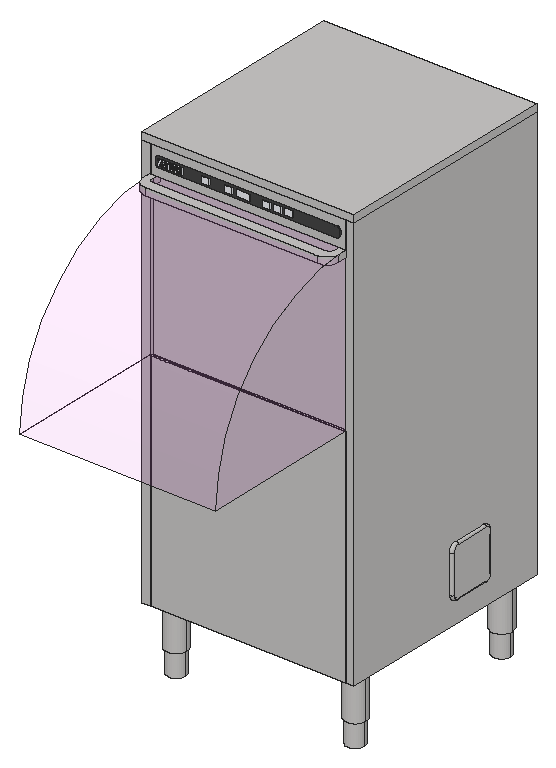
Revit family "QF_ZANUSSI_503022_LU7ADPWS", category Attrezzature speciali, Revit 2020
Family settings
  Quota connettore circolare = Usa diametro
  Tipo di parte = Normale
  Basato su piano di lavoro = No
  Sempre verticale = Sì
  Taglio con vuoti quando caricato = No
  Condiviso = No
  Punto di calcolo locali = No
Parameters (values of type "Standard")
  Weight = 100.00 kg
  Watts = 9900 W
  Volts = 400 V
  URL Manufacturer = "http://www.zanussiprofessional.com"
  URL = "http://www.zanussiprofessional.com"
  Steam Supply Size = 0 mm
  Steam Supply Minimum Pressure = 0.0 Pa
  Steam Supply Maximum Pressure = 0.0 Pa
  Steam Consumption per Hour = 0
  Show Logo [instance] = yes
  Show Clearance [instance] = yes
  Refrigeration Suction Line Size = 0 mm
  Refrigeration Liquid Line Size = 0 mm
  Refrigerant Compressor Remote = yes
  Prospetto di default = 0 mm
  Produttore = "Zanussi"
  Phase = 3
  Modello = "LU7ADPWS"
  Length Actual = 642 mm  # constant formula
  Item Number = "503022"
  Hot Water Size = 19.05 mm
  Height Actual = 1477 mm  # constant formula
  HP = "13.3 HP"
  Gas Size = 0 mm
  Gas KW = 0
  Gas Input Pressure = 0 W
  Direct Waste Size = 20.5 mm
  Descrizione = "UTENSIL/DW.1170D/H,DRAIN P,ATM,WS,ACTIVE"
  Depth Actual = 723 mm  # constant formula
  Cycle = 50 Hz
  Condensate Return Size = 0 mm
  Compressed Air Volume = 0.0 L/s
  Compressed Air Size = 0 mm
  Compressed Air Pressure = 0.0 Pa
  Cold Water Size = 0 mm
  Accessory = yes
Reference planes
  plane 1: z = 0
  plane 2 "LEFT": x = -438
  plane 3 "BACK": y = 450
  plane 4: z = 904
  plane 5: y = 381
  plane 6: x = -388
  plane 7: z = 200
  plane 8: x = 204
  plane 9: x = -117
  plane 10: z = 880
  plane 11: z = 1477
  plane 12: z = 1363
  plane 13: x = 154
  plane 14: y = -239
  plane 15: y = -172
  plane 16: through (180, 105, 4000) normal (-0.7071, -0.7071, 0)
  plane 17: through (180, 125, 4000) normal (0.7071, -0.7071, 0)
  plane 18: through (47, -3351, 200) normal (-0.7071, 0, -0.7071)
  plane 19: through (47, -3351, 220) normal (0.7071, 0, -0.7071)
  plane 20: y = 392
  plane 21: x = -173
  plane 22: y = 392
  plane 23: x = -117
  plane 24: y = -76
  plane 25: x = -208
  plane 26: y = -731
Forms (mm)
  Extrusion 1, solid, material "QF_Finishes_Stainless Steel"
    sketch origin (0, 211, 0) x (1, 0, 0) y (0, 1, 0)
      loop
        line (-438, 239) -> (-438, -450) -> (-413, -450) -> (-413, -418) -> (179, -418) -> (179, -450) -> (204, -450) -> (204, 239) -> (-438, 239)
    from 200 to 1455
  Extrusion 2, solid, material "QF_Finishes_Stainless Steel"
    sketch origin (-247.596, -58.023, 198) x (0, -1, 0) y (1, 0, 0)
      loop
        line (-163.023, 407.596) -> (-163.023, 427.596) -> (-183.023, 427.596) -> (-183.023, 407.596) -> (-163.023, 407.596)
    from 0 to 2
  Extrusion 3, solid, material "QF_Finishes_Stainless Steel"
    sketch origin (-1275.159, 1164.464, 194.383) x (1, 0, 0) y (0, 1, 0)
      loop
        circle (1102.159, -772.464) r 10
    from -9.383 to 5.617
  Extrusion 4, solid, material "QF_Finishes_Stainless Steel"
    sketch origin (-30, 211, -709) x (1, 0, 0) y (0, 1, 0)
      loop
        line (-383, -440) -> (209, -440) -> (209, -420) -> (-383, -420) -> (-383, -440)
    from 1589 to 2082
  Extrusion 5, solid, material "QF_Finishes_Stainless Steel"
    sketch origin (-30, 211, -1192) x (1, 0, 0) y (0, 1, 0)
      loop
        line (-383, -450) -> (209, -450) -> (209, -420) -> (-383, -420) -> (-383, -450)
    from 1392 to 2072
  Extrusion 6, solid, material "QF_Finishes_Door Clearance", visible <- "Show Clearance"
    sketch origin (-259, -438, 522.718) x (0, 1, 0) y (0, 0, -1)
      loop
        line (200, -357.282) -> (-293, -357.282)
        arc (-293, -357.282) -> (-148.604, -705.885) -> (200, -850.282) r 493
        line (200, -850.282) -> (200, -357.282)
    from 154 to -438
  Extrusion 7, solid, material "QF_Finishes_Stainless Steel"
    sketch origin (-30, 211, -19) x (1, 0, 0) y (0, 1, 0)
      loop
        line (-383, -450) -> (209, -450) -> (209, -420) -> (-383, -420) -> (-383, -450)
    from 1392 to 1474
  Extrusion 8, solid, material "QF_Finishes_Stainless Steel"
    sketch origin (-57, 0, 63) x (1, 0, 0) y (0, 1, 0)
      loop
        line (-381, -239) -> (261, -239) -> (261, 450) -> (-381, 450) -> (-381, -239)
    from 1392 to 1414
  Extrusion 9, solid, material "QF_Finishes_Stainless Steel"
    sketch origin (-380.596, 450, 36.977) x (1, 0, 0) y (0, 0, -1)
      loop
        line (407.596, -163.023) -> (407.596, -183.023) -> (427.596, -183.023) -> (427.596, -163.023) -> (407.596, -163.023)
    from 0 to 2
  Extrusion 10, solid, material "QF_Finishes_Stainless Steel"
    sketch origin (-1219.159, 1164.464, 194.383) x (1, 0, 0) y (0, 1, 0)
      loop
        circle (1102.159, -772.464) r 10
    from -9.383 to 5.617
  Extrusion 11, solid, material "QF_Finishes_Stainless Steel"
    sketch origin (-1107.159, 1164.464, 194.383) x (1, 0, 0) y (0, 1, 0)
      loop
        circle (1102.159, -772.464) r 10
    from -9.383 to 5.617
  Extrusion 12, solid, material "QF_Finishes_Stainless Steel"
    sketch origin (-1310.159, 696.464, 194.383) x (1, 0, 0) y (0, 1, 0)
      loop
        circle (1102.159, -772.464) r 10
    from -9.383 to 5.617
Dimensions and locks
  plane 4 to level = 904 mm
  plane 3 "BACK" to plane 5 = 69 mm
  plane 2 "LEFT" to plane 6 = 50 mm
  plane 2 "LEFT" to plane 8 = 642 mm
  equal spacing: plane 2 "LEFT", plane 9, plane 8
  plane 10 to level = 880 mm
  plane 11 to level = 1477 mm
  plane 12 to plane 10 = 483 mm
  nested 1 to plane 6 = 0 mm
  plane 13 to plane 8 = 50 mm
  plane 3 "BACK" to plane 14 = 689 mm
  plane 15 to plane 14 = 67 mm
  plane 8 to plane 2 "LEFT" = 642 mm
  plane 7 to level = 200 mm  (x2)
  plane 3 "BACK" to nested 2 = 69 mm
  plane 5 to nested 1 = 553 mm
  nested 1 to plane 14 = 67 mm
  level to plane 10 = 880 mm
  Extrusion 1 to plane 26 = 1181 mm
  aligned and locked: level to plane 1
Automatic sketch dimensions
  Extrusion 1 sketch curve to plane 2 "LEFT" = 0 mm
  plane 14 to Extrusion 1 sketch curve = 0 mm  (x2)
  Extrusion 1 sketch curve to plane 3 "BACK" = 0 mm
  Extrusion 1 sketch curve to plane 8 = 0 mm
  plane 2 "LEFT" to Extrusion 1 sketch curve = 25 mm
  plane 8 to Extrusion 1 sketch curve = 25 mm
  Extrusion 1 sketch curve to plane 14 = 32 mm
  Extrusion 2 sketch curve to plane 16 = 0 mm
  plane 17 to Extrusion 2 sketch curve = 0 mm
  Extrusion 2 sketch curve to plane 17 = 0 mm
  Extrusion 2 sketch curve to plane 13 = 6 mm
  plane 20 to Extrusion 3 sketch curve = 0 mm
  Extrusion 3 sketch curve to plane 21 = 0 mm
  plane 2 "LEFT" to Extrusion 4 sketch curve = 25 mm
  plane 8 to Extrusion 4 sketch curve = 25 mm
  Extrusion 4 sketch curve to plane 14 = 10 mm
  Extrusion 4 sketch curve to Extrusion 4 sketch curve = 20 mm
  plane 14 to Extrusion 5 sketch curve = 0 mm
  plane 2 "LEFT" to Extrusion 5 sketch curve = 25 mm
  plane 8 to Extrusion 5 sketch curve = 25 mm
  Extrusion 5 sketch curve to plane 14 = 30 mm
  plane 10 to Extrusion 6 sketch curve = 0 mm  (x2)
  Extrusion 6 sketch curve to plane 14 = 1 mm
  plane 12 to Extrusion 6 sketch curve = 10 mm
  plane 14 to Extrusion 7 sketch curve = 0 mm
  plane 2 "LEFT" to Extrusion 7 sketch curve = 25 mm
  plane 8 to Extrusion 7 sketch curve = 25 mm
  Extrusion 7 sketch curve to plane 14 = 30 mm
  Extrusion 8 sketch curve to plane 3 "BACK" = 0 mm
  plane 14 to Extrusion 8 sketch curve = 0 mm
  Extrusion 8 sketch curve to plane 8 = 0 mm
  Extrusion 8 sketch curve to plane 2 "LEFT" = 0 mm
  plane 18 to Extrusion 9 sketch curve = 0 mm
  Extrusion 9 sketch curve to plane 7 = 0 mm
  Extrusion 9 sketch curve to plane 19 = 0 mm  (x2)
  Extrusion 10 sketch curve to plane 9 = 0 mm
  plane 20 to Extrusion 10 sketch curve = 0 mm
  plane 20 to Extrusion 11 sketch curve = 0 mm
  Extrusion 11 sketch curve to plane 9 = 112 mm
  plane 2 "LEFT" to Extrusion 12 sketch curve = 230 mm
  Extrusion 12 sketch curve to plane 5 = 457 mm
  radius of Extrusion 3 sketch curve = 10 mm
  radius of Extrusion 10 sketch curve = 10 mm
  radius of Extrusion 11 sketch curve = 10 mm
  radius of Extrusion 12 sketch curve = 10 mm
Nested families
  nested 1: "Piedino H200 - DISHWASHING" at (-388, -172, 0), type "Piedino H200 - DISHWASHING"
    with H 200 mm
  nested 2: "Piedino H200 - DISHWASHING" at (-388, 381, 0), type "Piedino H200 - DISHWASHING"
    with H 200 mm
  nested 3: "Piedino H200 - DISHWASHING" at (154, -172, 0), type "Piedino H200 - DISHWASHING"
    with H 200 mm
  nested 4: "Piedino H200 - DISHWASHING" at (154, 381, 0), type "Piedino H200 - DISHWASHING"
    with H 200 mm
  nested 5: "MANIGLIA_DISHWASHING_ROUND" at (-117, -229, 1362.997) x (1, 0, 0) z (0, -1, 0), type "MANIGLIA_DISHWASHING_ROUND"
  nested 6: "BOCCHETTONE DISHWASHING" at (204, 191, 350) x (0, -1, 0) z (1, 0, 0), type "BOCCHETTONE DISHWASHING"
  nested 7: "Tastierino_DISHWASHING_NERO ZANUSSI - LUNGO" at (-117, -239, 1414) x (1, 0, 0) z (0, -1, 0), type "Tastierino_DISHWASHING_NERO ZANUSSI - LUNGO"
    with Show Logo yes
  nested 8: "ZANUSSI_Logo - WHITE" at (-346.5, -240, 1463) x (1, 0, 0) z (0, -1, 0), Show Logo <- "Show Logo", visible <- "Show Logo", type "ZANUSSI_Logo - WHITE"
    with Show Logo yes
Connectors
  electrical at (170, 115, 198)
    settings: on Extrusion 2, index 69, voltage 0 V, apparent load 0 VA, apparent load phase1 0 VA, apparent load phase2 0 VA, apparent load phase3 0 VA, power factor 1, load classification "Altro", number of poles 1, system type 30, power factor state 1, is connector primary yes, connector utility no, sub classification motor no, connector description "EI"
  piping at (-173, 392, 185), diameter 12.9
    settings: on Extrusion 3, index 70, connector inside diameter 609.6 mm, connector length 0 mm, flow factor 0, pipe flow 0.0 L/s, pressure drop 0.0 Pa, fitting loss kfactor 0, connector angle 0.00°, fixture units 0, engagement length 0 mm, angle of deflection 0.00°, flow configuration 0, flow direction 0, fitting loss method 0, system type 29, joint type 0, gender type 0, connector reference index -1, connector utility 0, adjustable connector no, is connector primary yes, connector description "XD"
  electrical at (37, 450, 210)
    settings: on Extrusion 9, index 71, voltage 0 V, apparent load 0 VA, apparent load phase1 0 VA, apparent load phase2 0 VA, apparent load phase3 0 VA, power factor 1, load classification "Altro", number of poles 1, system type 30, power factor state 1, is connector primary no, connector utility no, sub classification motor no, connector description "EQ"
  piping at (-117, 392, 185), diameter 12.9
    settings: on Extrusion 10, index 72, connector inside diameter 609.6 mm, connector length 0 mm, flow factor 0, pipe flow 0.0 L/s, pressure drop 0.0 Pa, fitting loss kfactor 0, connector angle 0.00°, fixture units 0, engagement length 0 mm, angle of deflection 0.00°, flow configuration 0, flow direction 0, fitting loss method 0, system type 29, joint type 0, gender type 0, connector reference index -1, connector utility 0, adjustable connector no, is connector primary no, connector description "D"
  piping at (-5, 392, 185), diameter 12.9
    settings: on Extrusion 11, index 73, connector inside diameter 609.6 mm, connector length 0 mm, flow factor 0, pipe flow 0.0 L/s, pressure drop 0.0 Pa, fitting loss kfactor 0, connector angle 0.00°, fixture units 0, engagement length 0 mm, angle of deflection 0.00°, flow configuration 0, flow direction 0, fitting loss method 0, system type 29, joint type 0, gender type 0, connector reference index -1, connector utility 0, adjustable connector no, is connector primary no, connector description "HWI"
  piping at (-208, -76, 185), diameter 12.9
    settings: on Extrusion 12, index 74, connector inside diameter 609.6 mm, connector length 0 mm, flow factor 0, pipe flow 0.0 L/s, pressure drop 0.0 Pa, fitting loss kfactor 0, connector angle 0.00°, fixture units 0, engagement length 0 mm, angle of deflection 0.00°, flow configuration 0, flow direction 0, fitting loss method 0, system type 29, joint type 0, gender type 0, connector reference index -1, connector utility 0, adjustable connector no, is connector primary no, connector description "D"
Definition of nested family "Piedino H200 - DISHWASHING"
  Parameters (values of type "Piedino H200 - DISHWASHING")
    Default Elevation = 0 mm
    H [instance] = 200 mm
  Reference planes
    plane 1 "Centro (Fronte/Retro)": y = 0
    plane 2: z = 0
    plane 3 "Centro (Sinistra/Destra)": x = 0
    plane 4: z = 70.047
  Forms (mm)
    Revolve 1, solid
      sketch origin (55, 0, 0) x (-1, 0, 0) y (0, 0, -1)
        loop
          line (55, 0) -> (27.6, 0) -> (27.6, -70.047) -> (22.6, -70.047) -> (22.6, -200) -> (55, -200) -> (55, 0)
        axis (55, 0) -> (55, -200)
      angle from 0 to 360
  Dimensions and locks
    "H": Revolve 1 to plane 2
    aligned and locked: level to plane 2
  Automatic sketch dimensions
    Revolve 1 sketch curve to plane 4 = 0 mm
    Revolve 1 sketch curve to level = 0 mm
    Revolve 1 sketch curve to plane 3 "Centro (Sinistra/Destra)" = 0 mm  (x2)
    plane 3 "Centro (Sinistra/Destra)" to Revolve 1 sketch curve = 27.4 mm
    Revolve 1 sketch curve to Revolve 1 sketch curve = 5 mm
    Revolve 1 sketch curve to plane 4 = 129.953 mm
    Revolve 1 sketch curve to Revolve 1 sketch curve = 0 mm
    Revolve 1 sketch curve to Revolve 1 sketch curve = 20 mm
Definition of nested family "MANIGLIA_DISHWASHING_ROUND"
  Parameters (values of type "MANIGLIA_DISHWASHING_ROUND")
    Default Elevation = 1219.2 mm
  Reference planes
    plane 1 "Centro (Fronte/Retro)": y = 0
    plane 2: z = 0
    plane 3 "Centro (Sinistra/Destra)": x = 0
    plane 4: z = 72
    plane 5: x = -296
    plane 6: x = 296
  Forms (mm)
    Extrusion 1, solid
      sketch origin (0, 0, 0) x (1, 0, 0) y (0, 1, 0)
        loop
          line (-1219.2, 1219.2) -> (-1219.2, -1219.2) -> (1219.2, -1219.2) -> (1219.2, 1219.2) -> (-1219.2, 1219.2)
      from 0 to -304.8
    Extrusion 2, solid
      sketch origin (0, 10.003, 0) x (1, 0, 0) y (0, 0, 1)
        loop
          line (-296, 0) -> (-276, 0) -> (-276, 27)
          arc (-276, 27) -> (-271.607, 37.607) -> (-261, 42) r 15
          line (-261, 42) -> (261, 42)
          arc (261, 42) -> (271.607, 37.607) -> (276, 27) r 15
          line (276, 27) -> (276, 0) -> (296, 0) -> (296, 37)
          arc (296, 37) -> (285.749, 61.749) -> (261, 72) r 35
          line (261, 72) -> (-261, 72)
          arc (-261, 72) -> (-285.749, 61.749) -> (-296, 37) r 35
          line (-296, 37) -> (-296, 0)
      from 0 to 20.005
  Dimensions and locks
    plane 5 to plane 6 = 592 mm
    aligned and locked: plane 2 to Extrusion 1
    aligned and locked: level to Extrusion 1
Definition of nested family "BOCCHETTONE DISHWASHING"
  Parameters (values of type "BOCCHETTONE DISHWASHING")
    Default Elevation = 1219.2 mm
  Reference planes
    plane 1 "Centro (Fronte/Retro)": y = 0
    plane 2: z = 0
    plane 3 "Centro (Sinistra/Destra)": x = 0
  Forms (mm)
    Extrusion 1, solid
      sketch origin (0, 0, 0) x (1, 0, 0) y (0, 1, 0)
        loop
          line (-1219.2, 1219.2) -> (-1219.2, -1219.2) -> (1219.2, -1219.2) -> (1219.2, 1219.2) -> (-1219.2, 1219.2)
      from 0 to -304.8
    Extrusion 2, solid
      sketch origin (-411.544, -195.727, 0) x (1, 0, 0) y (0, 1, 0)
        loop
          arc (359.044, 268.227) -> (348.437, 263.833) -> (344.044, 253.227) r 15
          line (344.044, 253.227) -> (344.044, 138.227)
          arc (344.044, 138.227) -> (348.437, 127.62) -> (359.044, 123.227) r 15
          line (359.044, 123.227) -> (464.044, 123.227)
          arc (464.044, 123.227) -> (474.65, 127.62) -> (479.044, 138.227) r 15
          line (479.044, 138.227) -> (479.044, 253.227)
          arc (479.044, 253.227) -> (474.65, 263.833) -> (464.044, 268.227) r 15
          line (464.044, 268.227) -> (359.044, 268.227)
      from 0 to 13.165
    Sweep 3, solid
      path in 3D
        loop
          arc (-52.5, 72.5, 13.165) -> (-63.107, 68.107, 13.165) -> (-67.5, 57.5, 13.165) r 15
          line (-67.5, 57.5, 13.165) -> (-67.5, -57.5, 13.165)
          arc (-67.5, -57.5, 13.165) -> (-63.107, -68.107, 13.165) -> (-52.5, -72.5, 13.165) r 15
          line (-52.5, -72.5, 13.165) -> (52.5, -72.5, 13.165)
          arc (52.5, -72.5, 13.165) -> (63.107, -68.107, 13.165) -> (67.5, -57.5, 13.165) r 15
          line (67.5, -57.5, 13.165) -> (67.5, 57.5, 13.165)
          arc (67.5, 57.5, 13.165) -> (63.107, 68.107, 13.165) -> (52.5, 72.5, 13.165) r 15
          line (52.5, 72.5, 13.165) -> (-52.5, 72.5, 13.165)
      profile origin (0, 72.5, 13.165) x (0, 0, 1) y (0, 1, 0)
        loop
          arc (-1.054, 0) -> (-6.598, 5.544) -> (-12.141, 0) r 5.544
          line (-12.141, 0) -> (-1.054, 0)
  Lines and regions (mm)
    sketch lines
      curve 1: line (52.5, 72.5, 13.165) -> (-52.5, 72.5, 13.165)
      curve 2: arc (-67.5, 57.5, 13.165) -> (-63.107, 68.107, 13.165) -> (-52.5, 72.5, 13.165) r 15
      curve 3: line (-67.5, 57.5, 13.165) -> (-67.5, -57.5, 13.165)
      curve 4: arc (-52.5, -72.5, 13.165) -> (-63.107, -68.107, 13.165) -> (-67.5, -57.5, 13.165) r 15
      curve 5: line (-52.5, -72.5, 13.165) -> (52.5, -72.5, 13.165)
      curve 6: line (67.5, -57.5, 13.165) -> (67.5, 57.5, 13.165)
      curve 7: arc (52.5, 72.5, 13.165) -> (63.107, 68.107, 13.165) -> (67.5, 57.5, 13.165) r 15
      curve 8: arc (67.5, -57.5, 13.165) -> (63.107, -68.107, 13.165) -> (52.5, -72.5, 13.165) r 15
  Dimensions and locks
    aligned and locked: plane 2 to Extrusion 1
    aligned and locked: level to Extrusion 1
Definition of nested family "Tastierino_DISHWASHING_NERO ZANUSSI - LUNGO"
  Parameters (values of type "Tastierino_DISHWASHING_NERO ZANUSSI - LUNGO")
    Show Logo [instance] = yes
    Default Elevation = 1219.2 mm
  Reference planes
    plane 1 "Centro (Fronte/Retro)": y = 0
    plane 2: z = 0
    plane 3 "Centro (Sinistra/Destra)": x = 0
  Forms (mm)
    Extrusion 1, solid
      sketch origin (0, 0, 0) x (1, 0, 0) y (0, 1, 0)
        loop
          line (-1219.2, 1219.2) -> (-1219.2, -1219.2) -> (1219.2, -1219.2) -> (1219.2, 1219.2) -> (-1219.2, 1219.2)
      from 0 to -304.8
    Extrusion 2, solid
      sketch origin (0, -346.27, 0) x (1, 0, 0) y (0, 1, 0)
        loop
          line (-279, 352.097) -> (-279, 340.442)
          arc (-279, 340.442) -> (-276.071, 333.371) -> (-269, 330.442) r 10
          line (-269, 330.442) -> (269, 330.442)
          arc (269, 330.442) -> (276.071, 333.371) -> (279, 340.442) r 10
          line (279, 340.442) -> (279, 352.097)
          arc (279, 352.097) -> (276.071, 359.169) -> (269, 362.097) r 10
          line (269, 362.097) -> (-269, 362.097)
          arc (-269, 362.097) -> (-276.071, 359.169) -> (-279, 352.097) r 10
      from 0 to 1
    Extrusion 3, solid
      sketch origin (15, -346.27, 0) x (1, 0, 0) y (0, 1, 0)
        loop
          line (-154.168, 355.847) -> (-154.168, 336.692) -> (-131.389, 336.692) -> (-131.389, 355.847) -> (-154.168, 355.847)
        loop
          line (-84.168, 355.847) -> (-84.168, 336.692) -> (-61.389, 336.692) -> (-61.389, 355.847) -> (-84.168, 355.847)
        loop
          line (30.832, 355.847) -> (30.832, 336.692) -> (53.611, 336.692) -> (53.611, 355.847) -> (30.832, 355.847)
        loop
          line (63.497, 355.847) -> (63.497, 336.692) -> (86.275, 336.692) -> (86.275, 355.847) -> (63.497, 355.847)
        loop
          line (98.497, 355.847) -> (98.497, 336.692) -> (121.275, 336.692) -> (121.275, 355.847) -> (98.497, 355.847)
        loop
          line (-48.676, 355.847) -> (-48.676, 336.692) -> (-8.383, 336.692) -> (-8.383, 355.847) -> (-48.676, 355.847)
      from 0 to 2
  Dimensions and locks
    aligned and locked: plane 2 to Extrusion 1
    aligned and locked: level to Extrusion 1
Definition of nested family "ZANUSSI_Logo - WHITE"
  Parameters (values of type "ZANUSSI_Logo - WHITE")
    Show Logo [instance] = yes
    Default Elevation = 1219.2 mm
  Reference planes
    plane 1 "Center (Front/Back)": y = -49
    plane 2: z = 0
    plane 3 "Center (Left/Right)": x = -9.92
  Forms (mm)
    Extrusion 1, solid
      sketch origin (0, 0, 0) x (1, 0, 0) y (0, 1, 0)
        loop
          line (-1219.2, 1219.2) -> (-1219.2, -1219.2) -> (1219.2, -1219.2) -> (1219.2, 1219.2) -> (-1219.2, 1219.2)
      from 0 to -304.8
    Extrusion 2, solid, visible <- "Show Logo"
      sketch origin (106.353, -215.165, -50) x (1, 0, 0) y (0, 1, 0)
        loop
          line (-137.419, 156.48) -> (-137.419, 160.444) -> (-143.365, 160.444) -> (-137.419, 172.566) -> (-137.419, 175.851) -> (-147.274, 175.851) -> (-147.274, 172.226) -> (-142.063, 172.339) -> (-147.728, 160.444) -> (-147.728, 156.48) -> (-137.419, 156.48)
        loop
          line (-131.729, 163.73) -> (-129.463, 163.73) -> (-130.596, 172.54) -> (-131.729, 163.73)
        loop
          line (-132.748, 156.48) -> (-132.182, 160.218) -> (-128.897, 160.218) -> (-128.33, 156.48) -> (-124.252, 156.48) -> (-127.877, 175.851) -> (-133.315, 175.851) -> (-136.826, 156.48) -> (-132.748, 156.48)
        loop
          line (-123.75, 175.851) -> (-123.75, 156.48) -> (-120.238, 156.48) -> (-120.238, 169.281) -> (-116.953, 156.48) -> (-112.648, 156.48) -> (-112.648, 175.851) -> (-116.273, 175.851) -> (-116.273, 163.503) -> (-119.558, 175.851) -> (-123.75, 175.851)
        loop
          arc (-111.742, 161.27) -> (-106.896, 156.448) -> (-101.433, 160.558) r 5.22
          line (-101.433, 160.558) -> (-101.433, 175.851) -> (-105.398, 175.851) -> (-105.398, 161.464)
          arc (-105.398, 161.464) -> (-106.44, 160.263) -> (-107.777, 161.124) r 1.214
          line (-107.777, 161.124) -> (-107.777, 175.851) -> (-111.742, 175.851) -> (-111.742, 161.27)
        loop
          line (-94.069, 169.734) -> (-90.331, 169.734) -> (-90.269, 171.495)
          arc (-90.269, 171.495) -> (-90.53, 173.458) -> (-91.761, 175.009) r 3.719
          arc (-91.761, 175.009) -> (-95.38, 176.189) -> (-98.998, 175.009) r 6.139
          arc (-98.998, 175.009) -> (-100.474, 172.145) -> (-100.291, 168.927) r 6.125
          arc (-100.291, 168.927) -> (-99.079, 167.149) -> (-97.591, 165.594) r 13.068
          line (-97.591, 165.594) -> (-95.921, 164.113)
          arc (-95.921, 164.113) -> (-94.934, 163.275) -> (-94.167, 162.233) r 5.571
          arc (-94.167, 162.233) -> (-94.357, 160.41) -> (-96.143, 160.003) r 1.573
          arc (-96.143, 160.003) -> (-96.681, 160.547) -> (-96.911, 161.277) r 1.631
          arc (-96.911, 161.277) -> (-96.929, 161.791) -> (-96.911, 162.305) r 7.441
          arc (-96.911, 162.305) -> (-96.895, 162.791) -> (-96.911, 163.277) r 7.03
          line (-96.911, 163.277) -> (-100.866, 163.277)
          arc (-100.866, 163.277) -> (-100.828, 160.504) -> (-99.735, 157.955) r 7.131
          arc (-99.735, 157.955) -> (-94.571, 156.484) -> (-90.221, 159.633) r 6.148
          arc (-90.221, 159.633) -> (-90.141, 162.884) -> (-91.536, 165.823) r 7.021
          line (-91.536, 165.823) -> (-95.882, 169.734)
          arc (-95.882, 169.734) -> (-96.47, 170.472) -> (-96.785, 171.362) r 2.858
          arc (-96.785, 171.362) -> (-95.666, 172.959) -> (-94.069, 171.84) r 1.379
          line (-94.069, 171.84) -> (-94.069, 169.734)
        loop
          line (-82.771, 169.734) -> (-79.033, 169.734) -> (-78.971, 171.495)
          arc (-78.971, 171.495) -> (-79.232, 173.458) -> (-80.463, 175.009) r 3.719
          arc (-80.463, 175.009) -> (-84.081, 176.189) -> (-87.7, 175.009) r 6.139
          arc (-87.7, 175.009) -> (-89.175, 172.145) -> (-88.993, 168.927) r 6.125
          arc (-88.993, 168.927) -> (-87.781, 167.149) -> (-86.293, 165.594) r 13.068
          line (-86.293, 165.594) -> (-84.623, 164.113)
          arc (-84.623, 164.113) -> (-83.636, 163.275) -> (-82.869, 162.233) r 5.571
          arc (-82.869, 162.233) -> (-83.059, 160.41) -> (-84.845, 160.003) r 1.573
          arc (-84.845, 160.003) -> (-85.383, 160.547) -> (-85.613, 161.277) r 1.631
          arc (-85.613, 161.277) -> (-85.631, 161.791) -> (-85.613, 162.305) r 7.441
          arc (-85.613, 162.305) -> (-85.596, 162.791) -> (-85.613, 163.277) r 7.03
          line (-85.613, 163.277) -> (-89.568, 163.277)
          arc (-89.568, 163.277) -> (-89.53, 160.504) -> (-88.437, 157.955) r 7.131
          arc (-88.437, 157.955) -> (-83.272, 156.484) -> (-78.922, 159.633) r 6.148
          arc (-78.922, 159.633) -> (-78.843, 162.884) -> (-80.238, 165.823) r 7.021
          line (-80.238, 165.823) -> (-84.584, 169.734)
          arc (-84.584, 169.734) -> (-85.171, 170.472) -> (-85.486, 171.362) r 2.858
          arc (-85.486, 171.362) -> (-84.368, 172.959) -> (-82.771, 171.84) r 1.379
          line (-82.771, 171.84) -> (-82.771, 169.734)
        loop
          line (-78.21, 175.851) -> (-78.21, 156.48) -> (-74.245, 156.48) -> (-74.245, 175.851) -> (-78.21, 175.851)
      from 50 to 51.6
  Dimensions and locks
    aligned and locked: plane 2 to Extrusion 1
    aligned and locked: level to Extrusion 1
